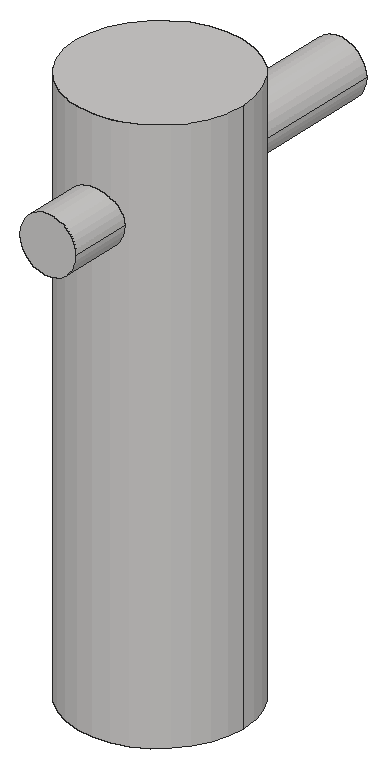
Revit family "PRD_FrankeWS_ClthsHks_SratosSingleHook_STRX692", category Furniture, host Face, Revit 2018
Family settings
  Host = Face
  OmniClass Number = 23.40.20.21
  OmniClass Title = Toilet and Bath Specialties
  Cut with Voids When Loaded = No
  Shared = No
  Room Calculation Point = No
Parameters (values of type "STRX692")
  WarrantyStartDate [instance] = "1900-12-31T23:59:59"
  WarrantyGuarantorParts = "n/a"
  WarrantyGuarantorLabor = "n/a"
  WarrantyDurationUnit = "year"
  WarrantyDurationParts = "n/a"
  WarrantyDurationLabor = "n/a"
  WarrantyDescription = "n/a"
  Version = "1"
  Uniclass2015Version = "Products v1.5"
  Uniclass2015Title = "Clothes hooks"
  Uniclass2015Code = "Pr_40_30_78_15"
  URL = "www.kwc.com"
  TagNumber [instance] = "n/a"
  SustainabilityPerformance = "n/a"
  Style = "Hook"
  Size = "18 x 38 x 60 mm"
  Shape = "n/a"
  SerialNumber [instance] = "n/a"
  Revision = "n/a"
  ReplacementCost = "n/a"
  ProductInformation = "https://pim.kwc.com/product/2000057979/attachment/datasheet?locale=en"
  NominalWidth = 18.00 mm
  NominalLength = 18.00 mm
  NominalHeight = 38.00 mm
  NominalDepth = 60.00 mm
  NetWeight = 0.14 kg
  Name = "STRATOS single hook STRX692"
  NBSTypeID = "n/a"
  NBSReference = "45-35-72/322"
  NBSOfficeMasterTag = "n/a"
  NBSNote = "n/a"
  NBSDescription = "Clothes hooks"
  NBSCertification = "n/a"
  ModelReference = "STRX692"
  ModelNumber = "2000057979"
  Model = ModelReference  # "STRX692"
  Material = "Stainless steel"
  ManufacturerURL = "www.kwc.com"
  ManufacturerName = "KWC Group AG"  # constant formula
  Manufacturer = ManufacturerName  # "KWC Group AG"
  MainColor = "Stainless steel"
  IntegralAccessories = "Stainless steel screws and dowels incl."
  InstallationDate [instance] = "1900-12-31T23:59:59"
  IfcExportType = "NOTDEFINED"
  IfcExportAs = "IfcFurnitureType"
  HookMaterial = PRD_AR_StainlessSteel_SatinFinished
  GrossWeight = 0.14 kg
  Grade = "n/a"
  Form = "Wall mounted"
  Finish = "Satin finished"
  Features = "stainless steel, 18 mm, satin finished, wall mounting, 18x38x60 mm (WxHxD)"
  ExpectedLife = "n/a"
  DurationUnit = "year"
  Description = "Hook for wall mounting, stainless steel, surface satin finished, 18 mm pipe diameter, drilled hole on bottom for fixation, incl. stainless steel screws and dowels."
  Default Elevation = 1500.00 mm
  Constituents = "n/a"
  Colour = "Stainless steel, satin finished"
  Color = "Stainless steel"
  CodePerformance = "n/a"
  Category = "Pr_40_30_78_15, Clothes hooks"
  BarCode [instance] = "n/a"
  BIMObjectName = "PRD_AR_ClothesHooks_SratosSingleHook_STRX692"
  Author = "Archispace"  # constant formula
  AssetType = "Fixed"
  AssetIdentifier [instance] = "n/a"
  AccessibilityPerformance = "n/a"
Reference planes
  plane 1 "Center (Front/Back)": y = 0
  plane 2: z = 0
  plane 3 "Center (Left/Right)": x = 0
Forms (mm)
  Extrusion 1, solid, material "PRD_AR_StainlessSteel_SatinFinished" <- "HookMaterial", detail levels medium+fine
    sketch origin (0, 0, 0) x (1, 0, 0) y (0, 1, 0)
      loop
        circle (0, 0) r 9
    from 0 to 60
  Extrusion 2, solid, material "PRD_AR_StainlessSteel_SatinFinished" <- "HookMaterial", detail levels medium+fine
    sketch origin (0, 0, 0) x (1, 0, 0) y (0, 0, 1)
      loop
        circle (0, 50) r 3
    from 15 to -24
Cuts and joins
  joined: Extrusion 1, Extrusion 2
Dimensions and locks
  aligned and locked: plane 2 to host face
  aligned and locked: level to host face
